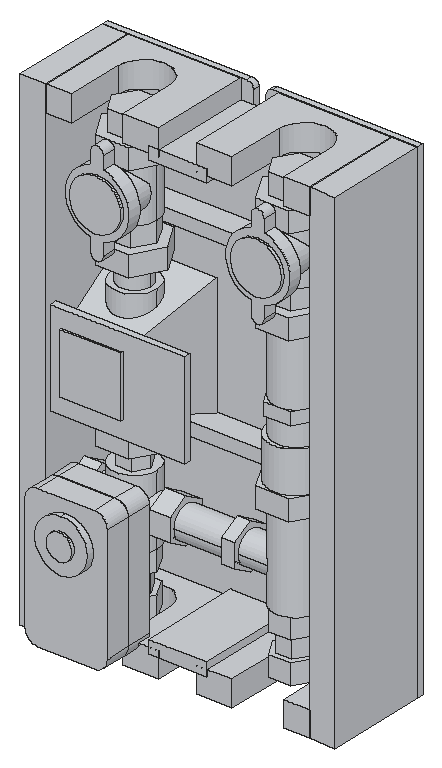
Revit family "330_14d03d4afafa448cabc8e77641faf8", category Mechanical Equipment, Revit 2022
Family settings
  Round Connector Dimension = Use Diameter
  Classification = None
  Part Type = Normal
  Work Plane-Based = No
  Always vertical = Yes
  Cut with Voids When Loaded = No
  Maintain Annotation Orientation = No
  Shared = No
  Room Calculation Point = No
Parameters (values of type "2176 1130EA")
  magiProductId = "14d03d4afafa448cabc8e77641faf8"
  magiProductFamilyId = "14d03d4afafa448cabc8e77641faf8"
  magiPartTypeId = 330
  XC = 62.5 mm
  WL = 225 mm
  W2L__ve = -W2L  # -80 mm
  W2L = 80 mm
  W2 = 85 mm
  W = 170 mm
  VersionID = "2.0/2019.5.23.1/FAR_2176_001"
  R25 = 25.5 mm
  R2 = 12.5 mm
  R15 = 17.5 mm
  R13 = 20.5 mm
  R1 = 12.5 mm
  QmdConnectorList = "301;P2;302;P2;303;P1;304;P1"
  Productdata [instance] = "© MagiCAD Group, all rights reserved"
  PL = 48.571 mm
  P2 = 25 mm
  P1 = 25 mm
  Manufacturer = "FAR"
  MC Shunt Valve Configuration = 0
  MC Shunt Control Valve Location = 0
  MC Product Code = "2176 1130EA"
  MC Primary Sizing Flow [instance] = 0.0 L/s
  MC Primary Given Pressure Drop [instance] = 0.0 Pa
  MC Piping Secondary Pressure Drop [instance] = 0.0 Pa
  MC Piping Secondary Flow [instance] = 0.0 L/s
  MC Piping Flow [instance] = 0.0 L/s
  MC Control Valve kv [instance] = 0
  MC Control Valve Pressure Drop [instance] = 0.0 Pa
  MC Balancing Valve kv [instance] = 0
  MC Balancing Valve Pressure Drop [instance] = 0.0 Pa
  MC Adjustable Valve kv for min dp [instance] = 0
  MC Adjustable Valve kv for max dp [instance] = 0
  MC Adjustable Valve Min Pressure Drop [instance] = 0.0 Pa
  MC Adjustable Valve Max Pressure Drop [instance] = 0.0 Pa
  LH92 = 21.333 mm
  LH9 = 42.667 mm
  LH62 = 27.429 mm
  LH61 = 86.857 mm
  LH6 = 54.857 mm
  LH48 = 104.476 mm
  LH44 = 74.476 mm
  LH42 = 47.238 mm
  LH4 = 94.476 mm
  L5 = 5 mm
  L45__ve = -L45  # -45 mm
  L45 = 45 mm
  L30 = 32 mm
  L22__ve = -L22  # -5 mm
  L222__ve = -L222  # -2 mm
  L222 = 2 mm
  L22 = 5 mm
  L20__ve = -L20  # -20 mm
  L20 = 20 mm
  L2 = 122.5 mm
  L15__ve = -L15  # -16 mm
  L15 = 16 mm
  L10__ve = -L10  # -10 mm
  L10 = 10 mm
  L = 245 mm
  KH = 15 mm
  H2 = 192 mm
  H = 384 mm
  Description = "Booster unit, mixing valve 3p.230V, pump 1-7m, valves, 130mm"
  Default Elevation = 0 mm
  CenSd_R25_6 = R25 * cos(30.00°)  # 22.084 mm
  CenSd_R1_6 = R1 * cos(30.00°)  # 10.825 mm
  CenSd_R15_6 = R15 * cos(30.00°)  # 15.155 mm
  CenSd_R13_6 = R13 * cos(30.00°)  # 17.754 mm
  CAT0 = yes
  CAT = no
Reference planes
  plane 1 "Center (Front/Back)": y = 0
  plane 2 "XYPLANE": z = 0
  plane 3 "Center (Left/Right)": x = 0
  plane 4 "399": z = 176
  plane 5 "386": y = -95
  plane 6 "382": x = -30.5
  plane 7 "381": x = -94.5
  plane 8 "379": z = 6.857
  plane 9 "376": z = -25.143
  plane 10 "373": y = -120
  plane 11 "372": x = 27.5
  plane 12 "369": x = -22.5
  plane 13 "368": x = -87.5
  plane 14 "358": y = -85
  plane 15 "350": z = -52.143
  plane 16 "347": z = 90.333
  plane 17 "342": x = 15
  plane 18 "341": x = 82.5
  plane 19 "340": x = 42.5
  plane 20 "339": x = 102.5
  plane 21 "331": y = -40
  plane 22 "330": y = -5
  plane 23 "329": y = -85
  plane 24 "328": x = -82.5
  plane 25 "327": x = -42.5
  plane 26 "326": x = -15
  plane 27 "325": x = -102.5
  plane 28 "323": x = 112.5
  plane 29 "319": y = -5
  plane 30 "318": x = -112.5
  plane 31 "314": z = -180.571
  plane 32 "312": z = -70.571
  plane 33 "311": z = -100.571
  plane 34 "304": x = 57.5
  plane 35 "303": x = 67.5
  plane 36 "296": y = -85
  plane 37 "290": z = 87.667
  plane 38 "289": z = 157.667
  plane 39 "288": z = 122.667
  plane 40 "287": x = -67.5
  plane 41 "286": x = -57.5
  plane 42 "285": z = 97.667
  plane 43 "284": z = 147.667
  plane 44 "281": y = -90
  plane 45 "277": x = -42.5
  plane 46 "274": y = -75
  plane 47 "272": z = 6.095
  plane 48 "271": y = -15
  plane 49 "243": z = 69.333
  plane 50 "240": z = 160
  plane 51 "239": z = 144
  plane 52 "238": z = 101.333
  plane 53 "231": z = 85.333
  plane 54 "228": z = 53.333
  plane 55 "225": z = -41.143
  plane 56 "222": z = -57.143
  plane 57 "219": z = -128
  plane 58 "216": z = -73.143
  plane 59 "215": z = -144
  plane 60 "210": z = -160
  plane 61 "207": z = -176
  plane 62 "202": x = -5
  plane 63 "201": x = 5
  plane 64 "200": x = 122.5
  plane 65 "199": z = -172
  plane 66 "198": z = 172
  plane 67 "126": y = -48.571
  plane 68 "121": x = 62.5
  plane 69 "116": x = -62.5
  plane 70 "84": z = -192
  plane 71 "83": z = 192
  plane 72 "82": x = -122.5
  plane 73 "43": y = 0
  plane 74 "42": x = 0
  plane 75 "41": z = 0
Forms (mm)
  Extrusion 1, solid
    sketch origin (750, -95, 0) x (-1, 0, 0) y (0, 0, 1)
      loop
        arc (790.5, -70.571) -> (783.429, -73.5) -> (780.5, -80.571) r 10
        line (780.5, -80.571) -> (780.5, -170.571)
        arc (780.5, -170.571) -> (783.429, -177.642) -> (790.5, -180.571) r 10
        line (790.5, -180.571) -> (834.5, -180.571)
        arc (834.5, -180.571) -> (841.571, -177.642) -> (844.5, -170.571) r 10
        line (844.5, -170.571) -> (844.5, -80.571)
        arc (844.5, -80.571) -> (841.571, -73.5) -> (834.5, -70.571) r 10
        line (834.5, -70.571) -> (790.5, -70.571)
    from 0 to -20 <- "L20__ve"
  Extrusion 2, solid
    sketch origin (750, -75, 0) x (-1, 0, 0) y (0, 0, 1)
      loop
        arc (790.5, -70.571) -> (783.429, -73.5) -> (780.5, -80.571) r 10
        line (780.5, -80.571) -> (780.5, -170.571)
        arc (780.5, -170.571) -> (783.429, -177.642) -> (790.5, -180.571) r 10
        line (790.5, -180.571) -> (834.5, -180.571)
        arc (834.5, -180.571) -> (841.571, -177.642) -> (844.5, -170.571) r 10
        line (844.5, -170.571) -> (844.5, -80.571)
        arc (844.5, -80.571) -> (841.571, -73.5) -> (834.5, -70.571) r 10
        line (834.5, -70.571) -> (790.5, -70.571)
    from 0 to -20 <- "L20__ve"
  Extrusion 3, solid
    sketch origin (-750, 0, 6.857) x (1, 0, 0) y (0, 1, 0)
      loop
        line (833, -48.571) -> (822.75, -30.818) -> (802.25, -30.818) -> (792, -48.571) -> (802.25, -66.325) -> (822.75, -66.325) -> (833, -48.571)
    from 0 to 10 <- "L10"
  Extrusion 4, solid
    sketch origin (750, -120, 0) x (-1, 0, 0) y (0, 0, 1)
      loop
        circle (812.5, -100.571) r 10
    from 0 to -2 <- "L222__ve"
  Extrusion 5, solid
    sketch origin (27.5, -750, 0) x (0, 1, 0) y (0, 0, 1)
      loop
        line (701.429, -83.071) -> (686.273, -91.821) -> (686.273, -109.321) -> (701.429, -118.071) -> (716.584, -109.321) -> (716.584, -91.821) -> (701.429, -83.071)
    from 0 to -10 <- "L10__ve"
  Extrusion 6, solid
    sketch origin (-22.5, -750, 0) x (0, 1, 0) y (0, 0, 1)
      loop
        line (701.429, -83.071) -> (686.273, -91.821) -> (686.273, -109.321) -> (701.429, -118.071) -> (716.584, -109.321) -> (716.584, -91.821) -> (701.429, -83.071)
    from 0 to -16 <- "L15__ve"
  Extrusion 7, solid
    sketch origin (-87.5, -750, 0) x (0, 1, 0) y (0, 0, 1)
      loop
        line (701.429, -83.071) -> (686.273, -91.821) -> (686.273, -109.321) -> (701.429, -118.071) -> (716.584, -109.321) -> (716.584, -91.821) -> (701.429, -83.071)
    from 0 to -16 <- "L15__ve"
  Extrusion 8, solid
    sketch origin (62.5, -750, 0) x (0, 1, 0) y (0, 0, 1)
      loop
        circle (701.429, -100.571) r 12.5
    from 0 to -150
  Extrusion 9, solid
    sketch origin (750, -75, 0) x (-1, 0, 0) y (0, 0, 1)
      loop
        circle (812.5, -100.571) r 20.5
    from 0 to -45 <- "L45__ve"
  Extrusion 10, solid
    sketch origin (750, -5, 0) x (-1, 0, 0) y (0, 0, 1)
      loop
        line (727.5, -167) -> (727.5, -177) -> (772.5, -177) -> (772.5, -167) -> (727.5, -167)
    from 0 to -80 <- "W2L__ve"
  Extrusion 11, solid
    sketch origin (750, -5, 0) x (-1, 0, 0) y (0, 0, 1)
      loop
        line (727.5, 177) -> (727.5, 167) -> (772.5, 167) -> (772.5, 177) -> (727.5, 177)
    from 0 to -80 <- "W2L__ve"
  Extrusion 12, solid
    sketch origin (750, -5, 0) x (-1, 0, 0) y (0, 0, 1)
      loop
        line (862.5, -47.143) -> (637.5, -47.143) -> (637.5, -57.143) -> (862.5, -57.143) -> (862.5, -47.143)
    from 0 to -20 <- "L20__ve"
  Extrusion 13, solid
    sketch origin (750, -5, 0) x (-1, 0, 0) y (0, 0, 1)
      loop
        line (862.5, 95.333) -> (637.5, 95.333) -> (637.5, 85.333) -> (862.5, 85.333) -> (862.5, 95.333)
    from 0 to -20 <- "L20__ve"
  Extrusion 14, solid
    sketch origin (-750, 0, -192) x (1, 0, 0) y (0, 1, 0)
      loop
        line (765, -5) -> (765, -85) -> (792.5, -85) -> (792.5, -40)
        arc (792.5, -40) -> (812.5, -20) -> (832.5, -40) r 20
        line (832.5, -40) -> (832.5, -85) -> (852.5, -85) -> (852.5, -5) -> (765, -5)
    from 0 to 20 <- "L20"
  Extrusion 15, solid
    sketch origin (-750, 0, 192) x (1, 0, 0) y (0, 1, 0)
      loop
        line (765, -5) -> (765, -85) -> (792.5, -85) -> (792.5, -40)
        arc (792.5, -40) -> (812.5, -20) -> (832.5, -40) r 20
        line (832.5, -40) -> (832.5, -85) -> (852.5, -85) -> (852.5, -5) -> (765, -5)
    from 0 to -20 <- "L20__ve"
  Extrusion 16, solid
    sketch origin (-750, 0, -192) x (1, 0, 0) y (0, 1, 0)
      loop
        line (647.5, -5) -> (647.5, -85) -> (667.5, -85) -> (667.5, -40)
        arc (667.5, -40) -> (687.5, -20) -> (707.5, -40) r 20
        line (707.5, -40) -> (707.5, -85) -> (735, -85) -> (735, -5) -> (647.5, -5)
    from 0 to 20 <- "L20"
  Extrusion 17, solid
    sketch origin (-750, 0, 192) x (1, 0, 0) y (0, 1, 0)
      loop
        line (647.5, -5) -> (647.5, -85) -> (667.5, -85) -> (667.5, -40)
        arc (667.5, -40) -> (687.5, -20) -> (707.5, -40) r 20
        line (707.5, -40) -> (707.5, -85) -> (735, -85) -> (735, -5) -> (647.5, -5)
    from 0 to -20 <- "L20__ve"
  Extrusion 18, solid
    sketch origin (750, -5, 0) x (-1, 0, 0) y (0, 0, 1)
      loop
        line (627.5, 192) -> (627.5, -192) -> (647.5, -192) -> (647.5, 192) -> (627.5, 192)
    from 0 to -80 <- "W2L__ve"
  Extrusion 19, solid
    sketch origin (750, -5, 0) x (-1, 0, 0) y (0, 0, 1)
      loop
        line (852.5, 192) -> (852.5, -192) -> (872.5, -192) -> (872.5, 192) -> (852.5, 192)
    from 0 to -80 <- "W2L__ve"
  Extrusion 20, solid
    sketch origin (750, -75, 0) x (-1, 0, 0) y (0, 0, 1)
      loop
        circle (812.5, -100.571) r 17.5
    from 0 to 20 <- "L20"
  Extrusion 21, solid
    sketch origin (750, -75, 0) x (-1, 0, 0) y (0, 0, 1)
      loop
        line (692.5, 87.667) -> (692.5, 97.667)
        arc (692.5, 97.667) -> (712.5, 122.667) -> (692.5, 147.667) r 25.625
        line (692.5, 147.667) -> (692.5, 157.667)
        arc (692.5, 157.667) -> (687.5, 162.667) -> (682.5, 157.667) r 5
        line (682.5, 157.667) -> (682.5, 147.667)
        arc (682.5, 147.667) -> (662.5, 122.667) -> (682.5, 97.667) r 25.625
        line (682.5, 97.667) -> (682.5, 87.667)
        arc (682.5, 87.667) -> (687.5, 82.667) -> (692.5, 87.667) r 5
    from 0 to -10 <- "L10__ve"
  Extrusion 22, solid
    sketch origin (750, -75, 0) x (-1, 0, 0) y (0, 0, 1)
      loop
        circle (687.5, 122.667) r 17.5
    from 0 to 20 <- "L20"
  Extrusion 23, solid
    sketch origin (750, -85, 0) x (-1, 0, 0) y (0, 0, 1)
      loop
        circle (687.5, 122.667) r 20
    from 0 to -2 <- "L222__ve"
  Extrusion 24, solid
    sketch origin (750, -85, 0) x (-1, 0, 0) y (0, 0, 1)
      loop
        circle (812.5, 122.667) r 20
    from 0 to -2 <- "L222__ve"
  Extrusion 25, solid
    sketch origin (750, -75, 0) x (-1, 0, 0) y (0, 0, 1)
      loop
        circle (812.5, 122.667) r 17.5
    from 0 to 20 <- "L20"
  Extrusion 26, solid
    sketch origin (750, -75, 0) x (-1, 0, 0) y (0, 0, 1)
      loop
        line (817.5, 87.667) -> (817.5, 97.667)
        arc (817.5, 97.667) -> (837.5, 122.667) -> (817.5, 147.667) r 25.625
        line (817.5, 147.667) -> (817.5, 157.667)
        arc (817.5, 157.667) -> (812.5, 162.667) -> (807.5, 157.667) r 5
        line (807.5, 157.667) -> (807.5, 147.667)
        arc (807.5, 147.667) -> (787.5, 122.667) -> (807.5, 97.667) r 25.625
        line (807.5, 97.667) -> (807.5, 87.667)
        arc (807.5, 87.667) -> (812.5, 82.667) -> (817.5, 87.667) r 5
    from 0 to -10 <- "L10__ve"
  Extrusion 27, solid
    sketch origin (750, -90, 0) x (-1, 0, 0) y (0, 0, 1)
      loop
        line (788.881, 29.714) -> (788.881, -17.524) -> (836.119, -17.524) -> (836.119, 29.714) -> (788.881, 29.714)
    from 0 to -2
  Extrusion 28, solid
    sketch origin (750, -85, 0) x (-1, 0, 0) y (0, 0, 1)
      loop
        line (740.262, 43.333) -> (740.262, -31.143) -> (844.738, -31.143) -> (844.738, 43.333) -> (740.262, 43.333)
    from 0 to -5 <- "L22__ve"
  Blend 29, solid
    base sketch origin (750, -15, 0) x (-1, 0, 0) y (0, 0, 1)
      loop
        line (775.262, 53.333) -> (775.262, -41.143) -> (849.738, -41.143) -> (849.738, 53.333) -> (775.262, 53.333)
    top sketch origin (750, -15, 0) x (-1, 0, 0) y (0, 0, 1)
      loop
        line (788.881, 29.714) -> (788.881, -17.524) -> (836.119, -17.524) -> (836.119, 29.714) -> (788.881, 29.714)
    from 0 to -70
  Extrusion 30, solid
    sketch origin (-750, 0, -176) x (1, 0, 0) y (0, 1, 0)
      loop
        line (830, -48.571) -> (821.25, -33.416) -> (803.75, -33.416) -> (795, -48.571) -> (803.75, -63.727) -> (821.25, -63.727) -> (830, -48.571)
    from 0 to 16 <- "L15"
  Extrusion 31, solid
    sketch origin (-750, 0, -160) x (1, 0, 0) y (0, 1, 0)
      loop
        line (825, -48.571) -> (818.75, -37.746) -> (806.25, -37.746) -> (800, -48.571) -> (806.25, -59.397) -> (818.75, -59.397) -> (825, -48.571)
    from 0 to 16 <- "L15"
  Extrusion 32, solid
    sketch origin (-750, 0, -144) x (1, 0, 0) y (0, 1, 0)
      loop
        line (830, -48.571) -> (821.25, -33.416) -> (803.75, -33.416) -> (795, -48.571) -> (803.75, -63.727) -> (821.25, -63.727) -> (830, -48.571)
    from 0 to 16 <- "L15"
  Extrusion 33, solid
    sketch origin (-750, 0, -128) x (1, 0, 0) y (0, 1, 0)
      loop
        circle (812.5, -48.571) r 17.5
    from 0 to 86.857 <- "LH61"
  Extrusion 34, solid
    sketch origin (-750, 0, -57.143) x (1, 0, 0) y (0, 1, 0)
      loop
        line (838, -48.571) -> (825.25, -26.488) -> (799.75, -26.488) -> (787, -48.571) -> (799.75, -70.655) -> (825.25, -70.655) -> (838, -48.571)
    from 0 to 16 <- "L15"
  Extrusion 35, solid
    sketch origin (-750, 0, -41.143) x (1, 0, 0) y (0, 1, 0)
      loop
        circle (812.5, -48.571) r 20.5
    from 0 to 32 <- "L30"
  Extrusion 36, solid
    sketch origin (-750, 0, 69.333) x (1, 0, 0) y (0, 1, 0)
      loop
        line (838, -48.571) -> (825.25, -26.488) -> (799.75, -26.488) -> (787, -48.571) -> (799.75, -70.655) -> (825.25, -70.655) -> (838, -48.571)
    from 0 to 16 <- "L15"
  Extrusion 37, solid
    sketch origin (-750, 0, 85.333) x (1, 0, 0) y (0, 1, 0)
      loop
        line (830, -48.571) -> (821.25, -33.416) -> (803.75, -33.416) -> (795, -48.571) -> (803.75, -63.727) -> (821.25, -63.727) -> (830, -48.571)
    from 0 to 16 <- "L15"
  Extrusion 38, solid
    sketch origin (-750, 0, 160) x (1, 0, 0) y (0, 1, 0)
      loop
        line (830, -48.571) -> (821.25, -33.416) -> (803.75, -33.416) -> (795, -48.571) -> (803.75, -63.727) -> (821.25, -63.727) -> (830, -48.571)
    from 0 to 16 <- "L15"
  Extrusion 39, solid
    sketch origin (-750, 0, 144) x (1, 0, 0) y (0, 1, 0)
      loop
        line (838, -48.571) -> (825.25, -26.488) -> (799.75, -26.488) -> (787, -48.571) -> (799.75, -70.655) -> (825.25, -70.655) -> (838, -48.571)
    from 0 to 16 <- "L15"
  Extrusion 40, solid
    sketch origin (-750, 0, 101.333) x (1, 0, 0) y (0, 1, 0)
      loop
        circle (812.5, -48.571) r 17.5
    from 0 to 42.667 <- "LH9"
  Extrusion 41, solid
    sketch origin (-750, 0, -25.143) x (1, 0, 0) y (0, 1, 0)
      loop
        circle (812.5, -48.571) r 17.5
    from 0 to 94.476 <- "LH4"
  Extrusion 42, solid
    sketch origin (-750, 0, 53.333) x (1, 0, 0) y (0, 1, 0)
      loop
        circle (687.5, -48.571) r 12.5
    from 0 to 16 <- "L15"
  Extrusion 43, solid
    sketch origin (-750, 0, 101.333) x (1, 0, 0) y (0, 1, 0)
      loop
        circle (687.5, -48.571) r 17.5
    from 0 to 42.667 <- "LH9"
  Extrusion 44, solid
    sketch origin (-750, 0, 144) x (1, 0, 0) y (0, 1, 0)
      loop
        line (713, -48.571) -> (700.25, -26.488) -> (674.75, -26.488) -> (662, -48.571) -> (674.75, -70.655) -> (700.25, -70.655) -> (713, -48.571)
    from 0 to 16 <- "L15"
  Extrusion 45, solid
    sketch origin (-750, 0, 160) x (1, 0, 0) y (0, 1, 0)
      loop
        line (705, -48.571) -> (696.25, -33.416) -> (678.75, -33.416) -> (670, -48.571) -> (678.75, -63.727) -> (696.25, -63.727) -> (705, -48.571)
    from 0 to 16 <- "L15"
  Extrusion 46, solid
    sketch origin (-750, 0, 85.333) x (1, 0, 0) y (0, 1, 0)
      loop
        line (705, -48.571) -> (696.25, -33.416) -> (678.75, -33.416) -> (670, -48.571) -> (678.75, -63.727) -> (696.25, -63.727) -> (705, -48.571)
    from 0 to 16 <- "L15"
  Extrusion 47, solid
    sketch origin (-750, 0, 69.333) x (1, 0, 0) y (0, 1, 0)
      loop
        line (713, -48.571) -> (700.25, -26.488) -> (674.75, -26.488) -> (662, -48.571) -> (674.75, -70.655) -> (700.25, -70.655) -> (713, -48.571)
    from 0 to 16 <- "L15"
  Extrusion 48, solid
    sketch origin (-750, 0, -41.143) x (1, 0, 0) y (0, 1, 0)
      loop
        circle (687.5, -48.571) r 17.5
    from 0 to 94.476 <- "LH4"
  Extrusion 49, solid
    sketch origin (-750, 0, -57.143) x (1, 0, 0) y (0, 1, 0)
      loop
        line (713, -48.571) -> (700.25, -26.488) -> (674.75, -26.488) -> (662, -48.571) -> (674.75, -70.655) -> (700.25, -70.655) -> (713, -48.571)
    from 0 to 16 <- "L15"
  Extrusion 50, solid
    sketch origin (-750, 0, -73.143) x (1, 0, 0) y (0, 1, 0)
      loop
        line (700, -48.571) -> (693.75, -37.746) -> (681.25, -37.746) -> (675, -48.571) -> (681.25, -59.397) -> (693.75, -59.397) -> (700, -48.571)
    from 0 to 16 <- "L15"
  Extrusion 51, solid
    sketch origin (-750, 0, -128) x (1, 0, 0) y (0, 1, 0)
      loop
        circle (687.5, -48.571) r 17.5
    from 0 to 54.857 <- "LH6"
  Extrusion 52, solid
    sketch origin (-750, 0, -144) x (1, 0, 0) y (0, 1, 0)
      loop
        line (705, -48.571) -> (696.25, -33.416) -> (678.75, -33.416) -> (670, -48.571) -> (678.75, -63.727) -> (696.25, -63.727) -> (705, -48.571)
    from 0 to 16 <- "L15"
  Extrusion 53, solid
    sketch origin (-750, 0, -160) x (1, 0, 0) y (0, 1, 0)
      loop
        line (700, -48.571) -> (693.75, -37.746) -> (681.25, -37.746) -> (675, -48.571) -> (681.25, -59.397) -> (693.75, -59.397) -> (700, -48.571)
    from 0 to 16 <- "L15"
  Extrusion 54, solid
    sketch origin (-750, 0, -176) x (1, 0, 0) y (0, 1, 0)
      loop
        line (705, -48.571) -> (696.25, -33.416) -> (678.75, -33.416) -> (670, -48.571) -> (678.75, -63.727) -> (696.25, -63.727) -> (705, -48.571)
    from 0 to 16 <- "L15"
  Extrusion 55, solid
    sketch origin (750, 0, 0) x (-1, 0, 0) y (0, 0, 1)
      loop
        line (872.5, 192) -> (760, 192)
        arc (760, 192) -> (756.464, 190.536) -> (755, 187) r 5
        line (755, 187) -> (755, 172) -> (745, 172) -> (745, 187)
        arc (745, 187) -> (743.536, 190.536) -> (740, 192) r 5
        line (740, 192) -> (627.5, 192) -> (627.5, -192) -> (740, -192)
        arc (740, -192) -> (743.536, -190.536) -> (745, -187) r 5
        line (745, -187) -> (745, -172) -> (755, -172) -> (755, -187)
        arc (755, -187) -> (756.464, -190.536) -> (760, -192) r 5
        line (760, -192) -> (872.5, -192) -> (872.5, 192)
    from 0 to -5 <- "L22__ve"
  Extrusion 56, solid, not visible
    sketch origin (-750, 0, -176) x (1, 0, 0) y (0, 1, 0)
      loop
        circle (812.5, -48.571) r 10
    from 0 to 10
  Extrusion 57, solid, not visible
    sketch origin (-750, 0, -176) x (1, 0, 0) y (0, 1, 0)
      loop
        circle (687.5, -48.571) r 10
    from 0 to 10
  Extrusion 58, solid, not visible
    sketch origin (-750, 0, 176) x (1, 0, 0) y (0, 1, 0)
      loop
        circle (812.5, -48.571) r 10
    from 0 to -10
  Extrusion 59, solid, not visible
    sketch origin (-750, 0, 176) x (1, 0, 0) y (0, 1, 0)
      loop
        circle (687.5, -48.571) r 10
    from 0 to -10
Lines and regions (mm)
  reference lines, not visible
    curve 1: circle (2, 2, 0) r 1 normal (0, 0, 1)
  reference lines
    curve 2: line (62.5, -48.571, 6.857) -> (57.375, -39.695, 6.857)
    curve 3: line (62.5, -48.571, 6.857) -> (52.25, -48.571, 6.857)
    curve 4: line (62.5, -48.571, 6.857) -> (57.375, -57.448, 6.857)
    curve 5: line (27.5, -48.571, -100.571) -> (27.5, -40.994, -104.946)
    curve 6: line (27.5, -48.571, -100.571) -> (27.5, -48.571, -109.321)
    curve 7: line (27.5, -48.571, -100.571) -> (27.5, -56.149, -104.946)
    curve 8: line (-22.5, -48.571, -100.571) -> (-22.5, -40.994, -104.946)
    curve 9: line (-22.5, -48.571, -100.571) -> (-22.5, -48.571, -109.321)
    curve 10: line (-22.5, -48.571, -100.571) -> (-22.5, -56.149, -104.946)
    curve 11: line (-87.5, -48.571, -100.571) -> (-87.5, -40.994, -104.946)
    curve 12: line (-87.5, -48.571, -100.571) -> (-87.5, -48.571, -109.321)
    curve 13: line (-87.5, -48.571, -100.571) -> (-87.5, -56.149, -104.946)
    curve 14: circle (0, -5, -172) r 1 normal (0, -1, 0)
    curve 15: circle (0, -5, 172) r 1 normal (0, -1, 0)
    curve 16: circle (0, -5, -52.143) r 1 normal (0, -1, 0)
    curve 17: circle (0, -5, 90.333) r 1 normal (0, -1, 0)
    curve 18: line (82.5, -40, -192) -> (42.5, -40, -192)
    curve 19: line (82.5, -40, 192) -> (42.5, -40, 192)
    curve 20: line (-42.5, -40, -192) -> (-82.5, -40, -192)
    curve 21: line (-42.5, -40, 192) -> (-82.5, -40, 192)
    curve 22: circle (112.5, -5, 0) r 1 normal (0, -1, 0)
    curve 23: circle (-112.5, -5, 0) r 1 normal (0, -1, 0)
    curve 24: line (57.5, -75, 87.667) -> (67.5, -75, 87.667)
    curve 25: line (67.5, -75, 97.667) -> (67.5, -75, 147.667)
    curve 26: line (67.5, -75, 157.667) -> (57.5, -75, 157.667)
    curve 27: line (57.5, -75, 147.667) -> (57.5, -75, 97.667)
    curve 28: line (-67.5, -75, 87.667) -> (-57.5, -75, 87.667)
    curve 29: line (-57.5, -75, 97.667) -> (-57.5, -75, 147.667)
    curve 30: line (-57.5, -75, 157.667) -> (-67.5, -75, 157.667)
    curve 31: line (-67.5, -75, 147.667) -> (-67.5, -75, 97.667)
    curve 32: circle (-62.5, -90, 6.095) r 1 normal (0, -1, 0)
    curve 33: circle (-42.5, -85, 6.095) r 1 normal (0, -1, 0)
    curve 34: circle (-62.5, -15, 6.095) r 1 normal (0, 1, 0)
    curve 35: circle (-62.5, -15, 6.095) r 1 normal (0, -1, 0)
    curve 36: line (62.5, -48.571, -176) -> (58.125, -40.994, -176)
    curve 37: line (62.5, -48.571, -176) -> (53.75, -48.571, -176)
    curve 38: line (62.5, -48.571, -176) -> (58.125, -56.149, -176)
    curve 39: line (62.5, -48.571, -160) -> (59.375, -43.159, -160)
    curve 40: line (62.5, -48.571, -160) -> (56.25, -48.571, -160)
    curve 41: line (62.5, -48.571, -160) -> (59.375, -53.984, -160)
    curve 42: line (62.5, -48.571, -144) -> (58.125, -40.994, -144)
    curve 43: line (62.5, -48.571, -144) -> (53.75, -48.571, -144)
    curve 44: line (62.5, -48.571, -144) -> (58.125, -56.149, -144)
    curve 45: line (62.5, -48.571, -57.143) -> (56.125, -37.53, -57.143)
    curve 46: line (62.5, -48.571, -57.143) -> (49.75, -48.571, -57.143)
    curve 47: line (62.5, -48.571, -57.143) -> (56.125, -59.613, -57.143)
    curve 48: line (62.5, -48.571, 69.333) -> (56.125, -37.53, 69.333)
    curve 49: line (62.5, -48.571, 69.333) -> (49.75, -48.571, 69.333)
    curve 50: line (62.5, -48.571, 69.333) -> (56.125, -59.613, 69.333)
    curve 51: line (62.5, -48.571, 85.333) -> (58.125, -40.994, 85.333)
    curve 52: line (62.5, -48.571, 85.333) -> (53.75, -48.571, 85.333)
    curve 53: line (62.5, -48.571, 85.333) -> (58.125, -56.149, 85.333)
    curve 54: line (62.5, -48.571, 160) -> (58.125, -40.994, 160)
    curve 55: line (62.5, -48.571, 160) -> (53.75, -48.571, 160)
    curve 56: line (62.5, -48.571, 160) -> (58.125, -56.149, 160)
    curve 57: line (62.5, -48.571, 144) -> (56.125, -37.53, 144)
    curve 58: line (62.5, -48.571, 144) -> (49.75, -48.571, 144)
    curve 59: line (62.5, -48.571, 144) -> (56.125, -59.613, 144)
    curve 60: line (-62.5, -48.571, 144) -> (-68.875, -37.53, 144)
    curve 61: line (-62.5, -48.571, 144) -> (-75.25, -48.571, 144)
    curve 62: line (-62.5, -48.571, 144) -> (-68.875, -59.613, 144)
    curve 63: line (-62.5, -48.571, 160) -> (-66.875, -40.994, 160)
    curve 64: line (-62.5, -48.571, 160) -> (-71.25, -48.571, 160)
    curve 65: line (-62.5, -48.571, 160) -> (-66.875, -56.149, 160)
    curve 66: line (-62.5, -48.571, 85.333) -> (-66.875, -40.994, 85.333)
    curve 67: line (-62.5, -48.571, 85.333) -> (-71.25, -48.571, 85.333)
    curve 68: line (-62.5, -48.571, 85.333) -> (-66.875, -56.149, 85.333)
    curve 69: line (-62.5, -48.571, 69.333) -> (-68.875, -37.53, 69.333)
    curve 70: line (-62.5, -48.571, 69.333) -> (-75.25, -48.571, 69.333)
    curve 71: line (-62.5, -48.571, 69.333) -> (-68.875, -59.613, 69.333)
    curve 72: line (-62.5, -48.571, -57.143) -> (-68.875, -37.53, -57.143)
    curve 73: line (-62.5, -48.571, -57.143) -> (-75.25, -48.571, -57.143)
    curve 74: line (-62.5, -48.571, -57.143) -> (-68.875, -59.613, -57.143)
    curve 75: line (-62.5, -48.571, -73.143) -> (-65.625, -43.159, -73.143)
    curve 76: line (-62.5, -48.571, -73.143) -> (-68.75, -48.571, -73.143)
    curve 77: line (-62.5, -48.571, -73.143) -> (-65.625, -53.984, -73.143)
    curve 78: line (-62.5, -48.571, -144) -> (-66.875, -40.994, -144)
    curve 79: line (-62.5, -48.571, -144) -> (-71.25, -48.571, -144)
    curve 80: line (-62.5, -48.571, -144) -> (-66.875, -56.149, -144)
    curve 81: line (-62.5, -48.571, -160) -> (-65.625, -43.159, -160)
    curve 82: line (-62.5, -48.571, -160) -> (-68.75, -48.571, -160)
    curve 83: line (-62.5, -48.571, -160) -> (-65.625, -53.984, -160)
    curve 84: line (-62.5, -48.571, -176) -> (-66.875, -40.994, -176)
    curve 85: line (-62.5, -48.571, -176) -> (-71.25, -48.571, -176)
    curve 86: line (-62.5, -48.571, -176) -> (-66.875, -56.149, -176)
Dimensions and locks
  plane 1 "Center (Front/Back)" to curve 1 = 2 mm
  "L15": plane 50 "240" to plane 4 "399"
  "L20": plane 46 "274" to plane 5 "386"
  "L30": plane 69 "116" to plane 6 "382"
  "L30": plane 69 "116" to plane 7 "381"
  "L30": plane 9 "376" to plane 8 "379"
  "L15": plane 55 "225" to plane 9 "376"
  "L45": plane 46 "274" to plane 10 "373"
  locked: plane 12 "369" to plane 11 "372" at 50
  locked: plane 13 "368" to plane 12 "369" at 65
  locked: plane 68 "121" to plane 13 "368" at 150
  locked: plane 48 "271" to plane 14 "358" at 70
  "L5": plane 56 "222" to plane 15 "350"
  "L5": plane 53 "231" to plane 16 "347"
  "L10": plane 63 "201" to plane 17 "342"
  "L20": plane 68 "121" to plane 18 "341"
  "L20": plane 68 "121" to plane 19 "340"
  "L10": plane 28 "323" to plane 20 "339"
  "L45": plane 23 "329" to plane 21 "331"
  "L22": plane 73 "43" to plane 22 "330"
  "W2L": plane 22 "330" to plane 23 "329"
  "L20": plane 69 "116" to plane 24 "328"
  "L20": plane 69 "116" to plane 25 "327"
  "L10": plane 62 "202" to plane 26 "326"
  "L10": plane 30 "318" to plane 27 "325"
  "L10": plane 64 "200" to plane 28 "323"
  "L22": plane 73 "43" to plane 29 "319"
  "L10": plane 72 "82" to plane 30 "318"
  locked: plane 33 "311" to plane 31 "314" at 80
  locked: plane 33 "311" to plane 32 "312" at 30
  "LH62": plane 57 "219" to plane 33 "311"
  locked: plane 68 "121" to plane 34 "304" at 5
  locked: plane 68 "121" to plane 35 "303" at 5
  "L10": plane 46 "274" to plane 36 "296"
  "L10": plane 42 "285" to plane 37 "290"
  locked: plane 43 "284" to plane 38 "289" at 10
  "LH92": plane 52 "238" to plane 39 "288"
  locked: plane 69 "116" to plane 40 "287" at 5
  locked: plane 69 "116" to plane 41 "286" at 5
  locked: plane 39 "288" to plane 42 "285" at 25
  locked: plane 39 "288" to plane 43 "284" at 25
  "L22": plane 14 "358" to plane 44 "281"
  locked: plane 69 "116" to plane 45 "277" at 20
  locked: plane 48 "271" to plane 46 "274" at 60
  "LH42": plane 55 "225" to plane 47 "272"
  locked: plane 1 "Center (Front/Back)" to plane 48 "271" at 15
  "L15": plane 54 "228" to plane 49 "243"
  "L15": plane 51 "239" to plane 50 "240"
  "LH9": plane 52 "238" to plane 51 "239"
  "L15": plane 53 "231" to plane 52 "238"
  "L15": plane 49 "243" to plane 53 "231"
  "LH4": plane 55 "225" to plane 54 "228"
  "L15": plane 56 "222" to plane 55 "225"
  "L15": plane 58 "216" to plane 56 "222"
  "L15": plane 59 "215" to plane 57 "219"
  "LH6": plane 57 "219" to plane 58 "216"
  "L15": plane 60 "210" to plane 59 "215"
  "L15": plane 61 "207" to plane 60 "210"
  "L15": plane 70 "84" to plane 61 "207"
  "L5": plane 3 "Center (Left/Right)" to plane 62 "202"
  "L5": plane 3 "Center (Left/Right)" to plane 63 "201"
  "L2": plane 3 "Center (Left/Right)" to plane 64 "200"
  locked: plane 70 "84" to plane 65 "199" at 20
  locked: plane 71 "83" to plane 66 "198" at 20
  "PL": plane 1 "Center (Front/Back)" to plane 67 "126"
  "XC": plane 3 "Center (Left/Right)" to plane 68 "121"
  "XC": plane 3 "Center (Left/Right)" to plane 69 "116"
  "H2": plane 2 "XYPLANE" to plane 70 "84"
  "H2": plane 2 "XYPLANE" to plane 71 "83"
  "L2": plane 3 "Center (Left/Right)" to plane 72 "82"
  locked: plane 1 "Center (Front/Back)" to plane 73 "43"
  locked: plane 3 "Center (Left/Right)" to plane 74 "42"
  locked: plane 2 "XYPLANE" to plane 75 "41"
  Extrusion 1 sketch curve to Extrusion 1 sketch curve = 0 mm  (x16)
  Extrusion 2 sketch curve to Extrusion 2 sketch curve = 0 mm  (x16)
  "CenSd_R13_6": curve 2 to Extrusion 3 sketch curve  (x2)
  "CenSd_R13_6": curve 3 to Extrusion 3 sketch curve  (x2)
  "CenSd_R13_6": curve 4 to Extrusion 3 sketch curve  (x2)
  Extrusion 3 sketch curve to Extrusion 3 sketch curve = 0 mm  (x12)
  "CenSd_R15_6": curve 5 to Extrusion 5 sketch curve  (x2)
  "CenSd_R15_6": curve 6 to Extrusion 5 sketch curve  (x2)
  "CenSd_R15_6": curve 7 to Extrusion 5 sketch curve  (x2)
  Extrusion 5 sketch curve to Extrusion 5 sketch curve = 0 mm  (x12)
  "CenSd_R15_6": curve 8 to Extrusion 6 sketch curve  (x2)
  "CenSd_R15_6": curve 9 to Extrusion 6 sketch curve  (x2)
  "CenSd_R15_6": curve 10 to Extrusion 6 sketch curve  (x2)
  Extrusion 6 sketch curve to Extrusion 6 sketch curve = 0 mm  (x12)
  "CenSd_R15_6": curve 11 to Extrusion 7 sketch curve  (x2)
  "CenSd_R15_6": curve 12 to Extrusion 7 sketch curve  (x2)
  "CenSd_R15_6": curve 13 to Extrusion 7 sketch curve  (x2)
  Extrusion 7 sketch curve to Extrusion 7 sketch curve = 0 mm  (x12)
  equal spacing: Extrusion 10 sketch curve, curve 14, Extrusion 10 sketch curve  (x2)
  "L10": Extrusion 10 sketch curve to Extrusion 10 sketch curve
  "L45": Extrusion 10 sketch curve to Extrusion 10 sketch curve
  Extrusion 10 sketch curve to Extrusion 10 sketch curve = 0 mm  (x8)
  equal spacing: Extrusion 11 sketch curve, curve 15, Extrusion 11 sketch curve  (x2)
  "L10": Extrusion 11 sketch curve to Extrusion 11 sketch curve
  "L45": Extrusion 11 sketch curve to Extrusion 11 sketch curve
  Extrusion 11 sketch curve to Extrusion 11 sketch curve = 0 mm  (x8)
  equal spacing: Extrusion 12 sketch curve, curve 16, Extrusion 12 sketch curve  (x2)
  "WL": Extrusion 12 sketch curve to Extrusion 12 sketch curve
  "L10": Extrusion 12 sketch curve to Extrusion 12 sketch curve
  Extrusion 12 sketch curve to Extrusion 12 sketch curve = 0 mm  (x8)
  equal spacing: Extrusion 13 sketch curve, curve 17, Extrusion 13 sketch curve  (x2)
  "WL": Extrusion 13 sketch curve to Extrusion 13 sketch curve
  "L10": Extrusion 13 sketch curve to Extrusion 13 sketch curve
  Extrusion 13 sketch curve to Extrusion 13 sketch curve = 0 mm  (x8)
  "L20": curve 18 to Extrusion 14 sketch curve
  Extrusion 14 sketch curve to Extrusion 14 sketch curve = 0 mm  (x16)
  "L20": curve 19 to Extrusion 15 sketch curve
  Extrusion 15 sketch curve to Extrusion 15 sketch curve = 0 mm  (x16)
  "L20": curve 20 to Extrusion 16 sketch curve
  Extrusion 16 sketch curve to Extrusion 16 sketch curve = 0 mm  (x16)
  "L20": curve 21 to Extrusion 17 sketch curve
  Extrusion 17 sketch curve to Extrusion 17 sketch curve = 0 mm  (x16)
  equal spacing: Extrusion 18 sketch curve, curve 22, Extrusion 18 sketch curve  (x2)
  "H": Extrusion 18 sketch curve to Extrusion 18 sketch curve
  "L20": Extrusion 18 sketch curve to Extrusion 18 sketch curve
  Extrusion 18 sketch curve to Extrusion 18 sketch curve = 0 mm  (x8)
  equal spacing: Extrusion 19 sketch curve, curve 23, Extrusion 19 sketch curve  (x2)
  "H": Extrusion 19 sketch curve to Extrusion 19 sketch curve
  "L20": Extrusion 19 sketch curve to Extrusion 19 sketch curve
  Extrusion 19 sketch curve to Extrusion 19 sketch curve = 0 mm  (x8)
  "L5": curve 24 to Extrusion 21 sketch curve
  "L20": curve 25 to Extrusion 21 sketch curve
  "L5": curve 26 to Extrusion 21 sketch curve
  "L20": curve 27 to Extrusion 21 sketch curve
  Extrusion 21 sketch curve to Extrusion 21 sketch curve = 0 mm  (x16)
  "L5": curve 28 to Extrusion 26 sketch curve
  "L20": curve 29 to Extrusion 26 sketch curve
  "L5": curve 30 to Extrusion 26 sketch curve
  "L20": curve 31 to Extrusion 26 sketch curve
  Extrusion 26 sketch curve to Extrusion 26 sketch curve = 0 mm  (x16)
  equal spacing: Extrusion 27 sketch curve, curve 32, Extrusion 27 sketch curve  (x2)
  "LH42": Extrusion 27 sketch curve to Extrusion 27 sketch curve  (x2)
  Extrusion 27 sketch curve to Extrusion 27 sketch curve = 0 mm  (x8)
  equal spacing: Extrusion 28 sketch curve, curve 33, Extrusion 28 sketch curve  (x2)
  "LH44": Extrusion 28 sketch curve to Extrusion 28 sketch curve
  "LH48": Extrusion 28 sketch curve to Extrusion 28 sketch curve
  Extrusion 28 sketch curve to Extrusion 28 sketch curve = 0 mm  (x8)
  equal spacing: Blend 29 sketch curve, curve 34, Blend 29 sketch curve  (x2)
  "LH42": Blend 29 sketch curve to Blend 29 sketch curve  (x2)
  Blend 29 sketch curve to Blend 29 sketch curve = 0 mm  (x16)
  equal spacing: Blend 29 sketch curve, curve 35, Blend 29 sketch curve  (x2)
  "LH4": Blend 29 sketch curve to Blend 29 sketch curve
  "LH44": Blend 29 sketch curve to Blend 29 sketch curve
  "CenSd_R15_6": curve 36 to Extrusion 30 sketch curve  (x2)
  "CenSd_R15_6": curve 37 to Extrusion 30 sketch curve  (x2)
  "CenSd_R15_6": curve 38 to Extrusion 30 sketch curve  (x2)
  Extrusion 30 sketch curve to Extrusion 30 sketch curve = 0 mm  (x12)
  "CenSd_R1_6": curve 39 to Extrusion 31 sketch curve  (x2)
  "CenSd_R1_6": curve 40 to Extrusion 31 sketch curve  (x2)
  "CenSd_R1_6": curve 41 to Extrusion 31 sketch curve  (x2)
  Extrusion 31 sketch curve to Extrusion 31 sketch curve = 0 mm  (x12)
  "CenSd_R15_6": curve 42 to Extrusion 32 sketch curve  (x2)
  "CenSd_R15_6": curve 43 to Extrusion 32 sketch curve  (x2)
  "CenSd_R15_6": curve 44 to Extrusion 32 sketch curve  (x2)
  Extrusion 32 sketch curve to Extrusion 32 sketch curve = 0 mm  (x12)
  "CenSd_R25_6": curve 45 to Extrusion 34 sketch curve  (x2)
  "CenSd_R25_6": curve 46 to Extrusion 34 sketch curve  (x2)
  "CenSd_R25_6": curve 47 to Extrusion 34 sketch curve  (x2)
  Extrusion 34 sketch curve to Extrusion 34 sketch curve = 0 mm  (x12)
  "CenSd_R25_6": curve 48 to Extrusion 36 sketch curve  (x2)
  "CenSd_R25_6": curve 49 to Extrusion 36 sketch curve  (x2)
  "CenSd_R25_6": curve 50 to Extrusion 36 sketch curve  (x2)
  Extrusion 36 sketch curve to Extrusion 36 sketch curve = 0 mm  (x12)
  "CenSd_R15_6": curve 51 to Extrusion 37 sketch curve  (x2)
  "CenSd_R15_6": curve 52 to Extrusion 37 sketch curve  (x2)
  "CenSd_R15_6": curve 53 to Extrusion 37 sketch curve  (x2)
  Extrusion 37 sketch curve to Extrusion 37 sketch curve = 0 mm  (x12)
  "CenSd_R15_6": curve 54 to Extrusion 38 sketch curve  (x2)
  "CenSd_R15_6": curve 55 to Extrusion 38 sketch curve  (x2)
  "CenSd_R15_6": curve 56 to Extrusion 38 sketch curve  (x2)
  Extrusion 38 sketch curve to Extrusion 38 sketch curve = 0 mm  (x12)
  "CenSd_R25_6": curve 57 to Extrusion 39 sketch curve  (x2)
  "CenSd_R25_6": curve 58 to Extrusion 39 sketch curve  (x2)
  "CenSd_R25_6": curve 59 to Extrusion 39 sketch curve  (x2)
  Extrusion 39 sketch curve to Extrusion 39 sketch curve = 0 mm  (x12)
  "CenSd_R25_6": curve 60 to Extrusion 44 sketch curve  (x2)
  "CenSd_R25_6": curve 61 to Extrusion 44 sketch curve  (x2)
  "CenSd_R25_6": curve 62 to Extrusion 44 sketch curve  (x2)
  Extrusion 44 sketch curve to Extrusion 44 sketch curve = 0 mm  (x12)
  "CenSd_R15_6": curve 63 to Extrusion 45 sketch curve  (x2)
  "CenSd_R15_6": curve 64 to Extrusion 45 sketch curve  (x2)
  "CenSd_R15_6": curve 65 to Extrusion 45 sketch curve  (x2)
  Extrusion 45 sketch curve to Extrusion 45 sketch curve = 0 mm  (x12)
  "CenSd_R15_6": curve 66 to Extrusion 46 sketch curve  (x2)
  "CenSd_R15_6": curve 67 to Extrusion 46 sketch curve  (x2)
  "CenSd_R15_6": curve 68 to Extrusion 46 sketch curve  (x2)
  Extrusion 46 sketch curve to Extrusion 46 sketch curve = 0 mm  (x12)
  "CenSd_R25_6": curve 69 to Extrusion 47 sketch curve  (x2)
  "CenSd_R25_6": curve 70 to Extrusion 47 sketch curve  (x2)
  "CenSd_R25_6": curve 71 to Extrusion 47 sketch curve  (x2)
  Extrusion 47 sketch curve to Extrusion 47 sketch curve = 0 mm  (x12)
  "CenSd_R25_6": curve 72 to Extrusion 49 sketch curve  (x2)
  "CenSd_R25_6": curve 73 to Extrusion 49 sketch curve  (x2)
  "CenSd_R25_6": curve 74 to Extrusion 49 sketch curve  (x2)
  Extrusion 49 sketch curve to Extrusion 49 sketch curve = 0 mm  (x12)
  "CenSd_R1_6": curve 75 to Extrusion 50 sketch curve  (x2)
  "CenSd_R1_6": curve 76 to Extrusion 50 sketch curve  (x2)
  "CenSd_R1_6": curve 77 to Extrusion 50 sketch curve  (x2)
  Extrusion 50 sketch curve to Extrusion 50 sketch curve = 0 mm  (x12)
  "CenSd_R15_6": curve 78 to Extrusion 52 sketch curve  (x2)
  "CenSd_R15_6": curve 79 to Extrusion 52 sketch curve  (x2)
  "CenSd_R15_6": curve 80 to Extrusion 52 sketch curve  (x2)
  Extrusion 52 sketch curve to Extrusion 52 sketch curve = 0 mm  (x12)
  "CenSd_R1_6": curve 81 to Extrusion 53 sketch curve  (x2)
  "CenSd_R1_6": curve 82 to Extrusion 53 sketch curve  (x2)
  "CenSd_R1_6": curve 83 to Extrusion 53 sketch curve  (x2)
  Extrusion 53 sketch curve to Extrusion 53 sketch curve = 0 mm  (x12)
  "CenSd_R15_6": curve 84 to Extrusion 54 sketch curve  (x2)
  "CenSd_R15_6": curve 85 to Extrusion 54 sketch curve  (x2)
  "CenSd_R15_6": curve 86 to Extrusion 54 sketch curve  (x2)
  Extrusion 54 sketch curve to Extrusion 54 sketch curve = 0 mm  (x12)
  Extrusion 55 sketch curve to Extrusion 55 sketch curve = 0 mm  (x32)
  "L10": radius of Extrusion 1 sketch curve  (x4)
  "L10": radius of Extrusion 2 sketch curve  (x4)
  "L10": radius of Extrusion 4 sketch curve
  "R1": radius of Extrusion 8 sketch curve
  "R13": radius of Extrusion 9 sketch curve
  "R15": radius of Extrusion 20 sketch curve
  "R15": radius of Extrusion 22 sketch curve
  "L20": radius of Extrusion 23 sketch curve
  "L20": radius of Extrusion 24 sketch curve
  "R15": radius of Extrusion 25 sketch curve
  "R15": radius of Extrusion 33 sketch curve
  "R13": radius of Extrusion 35 sketch curve
  "R15": radius of Extrusion 40 sketch curve
  "R15": radius of Extrusion 41 sketch curve
  "R1": radius of Extrusion 42 sketch curve
  "R15": radius of Extrusion 43 sketch curve
  "R15": radius of Extrusion 48 sketch curve
  "R15": radius of Extrusion 51 sketch curve
  "L5": radius of Extrusion 55 sketch curve  (x4)
  locked: curve 3 to curve 2 (angle 60.00°)
  locked: curve 4 to curve 3 (angle 60.00°)
  locked: curve 4 to curve 2 (angle 120.00°)
  locked: curve 6 to curve 5 (angle 60.00°)
  locked: curve 7 to curve 6 (angle 60.00°)
  locked: curve 7 to curve 5 (angle 120.00°)
  locked: curve 9 to curve 8 (angle 60.00°)
  locked: curve 10 to curve 9 (angle 60.00°)
  locked: curve 10 to curve 8 (angle 120.00°)
  locked: curve 12 to curve 11 (angle 60.00°)
  locked: curve 13 to curve 12 (angle 60.00°)
  locked: curve 13 to curve 11 (angle 120.00°)
  locked: curve 37 to curve 36 (angle 60.00°)
  locked: curve 38 to curve 37 (angle 60.00°)
  locked: curve 38 to curve 36 (angle 120.00°)
  locked: curve 40 to curve 39 (angle 60.00°)
  locked: curve 41 to curve 40 (angle 60.00°)
  locked: curve 41 to curve 39 (angle 120.00°)
  locked: curve 43 to curve 42 (angle 60.00°)
  locked: curve 44 to curve 43 (angle 60.00°)
  locked: curve 44 to curve 42 (angle 120.00°)
  locked: curve 46 to curve 45 (angle 60.00°)
  locked: curve 47 to curve 46 (angle 60.00°)
  locked: curve 47 to curve 45 (angle 120.00°)
  locked: curve 49 to curve 48 (angle 60.00°)
  locked: curve 50 to curve 49 (angle 60.00°)
  locked: curve 50 to curve 48 (angle 120.00°)
  locked: curve 52 to curve 51 (angle 60.00°)
  locked: curve 53 to curve 52 (angle 60.00°)
  locked: curve 53 to curve 51 (angle 120.00°)
  locked: curve 55 to curve 54 (angle 60.00°)
  locked: curve 56 to curve 55 (angle 60.00°)
  locked: curve 56 to curve 54 (angle 120.00°)
  locked: curve 58 to curve 57 (angle 60.00°)
  locked: curve 59 to curve 58 (angle 60.00°)
  locked: curve 59 to curve 57 (angle 120.00°)
  locked: curve 61 to curve 60 (angle 60.00°)
  locked: curve 62 to curve 61 (angle 60.00°)
  locked: curve 62 to curve 60 (angle 120.00°)
  locked: curve 64 to curve 63 (angle 60.00°)
  locked: curve 65 to curve 64 (angle 60.00°)
  locked: curve 65 to curve 63 (angle 120.00°)
  locked: curve 67 to curve 66 (angle 60.00°)
  locked: curve 68 to curve 67 (angle 60.00°)
  locked: curve 68 to curve 66 (angle 120.00°)
  locked: curve 70 to curve 69 (angle 60.00°)
  locked: curve 71 to curve 70 (angle 60.00°)
  locked: curve 71 to curve 69 (angle 120.00°)
  locked: curve 73 to curve 72 (angle 60.00°)
  locked: curve 74 to curve 73 (angle 60.00°)
  locked: curve 74 to curve 72 (angle 120.00°)
  locked: curve 76 to curve 75 (angle 60.00°)
  locked: curve 77 to curve 76 (angle 60.00°)
  locked: curve 77 to curve 75 (angle 120.00°)
  locked: curve 79 to curve 78 (angle 60.00°)
  locked: curve 80 to curve 79 (angle 60.00°)
  locked: curve 80 to curve 78 (angle 120.00°)
  locked: curve 82 to curve 81 (angle 60.00°)
  locked: curve 83 to curve 82 (angle 60.00°)
  locked: curve 83 to curve 81 (angle 120.00°)
  locked: curve 85 to curve 84 (angle 60.00°)
  locked: curve 86 to curve 85 (angle 60.00°)
  locked: curve 86 to curve 84 (angle 120.00°)
  aligned and locked: level to plane 2 "XYPLANE"
  aligned and locked: plane 6 "382" to Extrusion 1 sketch curve
  aligned and locked: plane 31 "314" to Extrusion 1 sketch curve
  aligned and locked: Extrusion 1 sketch curve to plane 7 "381"
  aligned and locked: Extrusion 1 sketch curve to plane 32 "312"
  aligned and locked: plane 6 "382" to Extrusion 2 sketch curve
  aligned and locked: plane 31 "314" to Extrusion 2 sketch curve
  aligned and locked: Extrusion 2 sketch curve to plane 7 "381"
  aligned and locked: Extrusion 2 sketch curve to plane 32 "312"
  aligned and locked: plane 67 "126" to curve 4
  aligned and locked: plane 68 "121" to curve 4
  aligned and locked: plane 33 "311" to Extrusion 4 sketch curve
  aligned and locked: Extrusion 4 sketch curve to plane 69 "116"
  aligned and locked: plane 33 "311" to curve 7
  aligned and locked: curve 7 to plane 67 "126"
  aligned and locked: plane 33 "311" to curve 10
  aligned and locked: curve 10 to plane 67 "126"
  aligned and locked: plane 33 "311" to curve 13
  aligned and locked: curve 13 to plane 67 "126"
  aligned and locked: plane 33 "311" to Extrusion 8 sketch curve
  aligned and locked: Extrusion 8 sketch curve to plane 67 "126"
  aligned and locked: plane 33 "311" to Extrusion 9 sketch curve
  aligned and locked: Extrusion 9 sketch curve to plane 69 "116"
  aligned and locked: plane 65 "199" to curve 14
  aligned and locked: curve 14 to plane 74 "42"
  aligned and locked: plane 66 "198" to curve 15
  aligned and locked: plane 74 "42" to curve 15
  aligned and locked: plane 15 "350" to curve 16
  aligned and locked: curve 16 to plane 74 "42"
  aligned and locked: plane 16 "347" to curve 17
  aligned and locked: plane 74 "42" to curve 17
  aligned and locked: Extrusion 14 sketch curve to plane 22 "330"
  aligned and locked: plane 17 "342" to Extrusion 14 sketch curve  (x2)
  aligned and locked: Extrusion 14 sketch curve to plane 20 "339"
  aligned and locked: plane 22 "330" to Extrusion 14 sketch curve
  aligned and locked: plane 23 "329" to Extrusion 14 sketch curve  (x4)
  aligned and locked: plane 20 "339" to Extrusion 14 sketch curve
  aligned and locked: plane 18 "341" to Extrusion 14 sketch curve
  aligned and locked: plane 21 "331" to Extrusion 14 sketch curve  (x2)
  aligned and locked: plane 21 "331" to curve 18
  aligned and locked: plane 18 "341" to curve 18
  aligned and locked: plane 19 "340" to curve 18
  aligned and locked: Extrusion 14 sketch curve to plane 19 "340"
  aligned and locked: plane 19 "340" to Extrusion 14 sketch curve
  aligned and locked: Extrusion 15 sketch curve to plane 22 "330"
  aligned and locked: plane 17 "342" to Extrusion 15 sketch curve  (x2)
  aligned and locked: Extrusion 15 sketch curve to plane 20 "339"
  aligned and locked: plane 22 "330" to Extrusion 15 sketch curve
  aligned and locked: plane 23 "329" to Extrusion 15 sketch curve  (x4)
  aligned and locked: plane 20 "339" to Extrusion 15 sketch curve
  aligned and locked: plane 18 "341" to Extrusion 15 sketch curve
  aligned and locked: plane 21 "331" to Extrusion 15 sketch curve  (x2)
  aligned and locked: plane 21 "331" to curve 19
  aligned and locked: plane 18 "341" to curve 19
  aligned and locked: plane 19 "340" to curve 19
  aligned and locked: Extrusion 15 sketch curve to plane 19 "340"
  aligned and locked: plane 19 "340" to Extrusion 15 sketch curve
  aligned and locked: Extrusion 16 sketch curve to plane 22 "330"
  aligned and locked: plane 27 "325" to Extrusion 16 sketch curve  (x2)
  aligned and locked: Extrusion 16 sketch curve to plane 26 "326"
  aligned and locked: plane 22 "330" to Extrusion 16 sketch curve
  aligned and locked: plane 23 "329" to Extrusion 16 sketch curve  (x4)
  aligned and locked: plane 26 "326" to Extrusion 16 sketch curve
  aligned and locked: plane 25 "327" to Extrusion 16 sketch curve
  aligned and locked: plane 21 "331" to Extrusion 16 sketch curve  (x2)
  aligned and locked: plane 21 "331" to curve 20
  aligned and locked: plane 25 "327" to curve 20
  aligned and locked: plane 24 "328" to curve 20
  aligned and locked: Extrusion 16 sketch curve to plane 24 "328"
  aligned and locked: plane 24 "328" to Extrusion 16 sketch curve
  aligned and locked: Extrusion 17 sketch curve to plane 22 "330"
  aligned and locked: plane 27 "325" to Extrusion 17 sketch curve  (x2)
  aligned and locked: Extrusion 17 sketch curve to plane 26 "326"
  aligned and locked: plane 22 "330" to Extrusion 17 sketch curve
  aligned and locked: plane 23 "329" to Extrusion 17 sketch curve  (x4)
  aligned and locked: plane 26 "326" to Extrusion 17 sketch curve
  aligned and locked: plane 25 "327" to Extrusion 17 sketch curve
  aligned and locked: plane 21 "331" to Extrusion 17 sketch curve  (x2)
  aligned and locked: plane 21 "331" to curve 21
  aligned and locked: plane 25 "327" to curve 21
  aligned and locked: plane 24 "328" to curve 21
  aligned and locked: Extrusion 17 sketch curve to plane 24 "328"
  aligned and locked: plane 24 "328" to Extrusion 17 sketch curve
  aligned and locked: curve 22 to plane 28 "323"
  aligned and locked: plane 75 "41" to curve 22
  aligned and locked: curve 23 to plane 30 "318"
  aligned and locked: plane 75 "41" to curve 23
  aligned and locked: plane 33 "311" to Extrusion 20 sketch curve
  aligned and locked: Extrusion 20 sketch curve to plane 69 "116"
  aligned and locked: curve 24 to plane 37 "290"
  aligned and locked: plane 34 "304" to curve 24
  aligned and locked: plane 35 "303" to curve 24
  aligned and locked: plane 35 "303" to Extrusion 21 sketch curve  (x2)
  aligned and locked: plane 37 "290" to Extrusion 21 sketch curve  (x2)
  aligned and locked: plane 42 "285" to Extrusion 21 sketch curve  (x2)
  aligned and locked: plane 35 "303" to curve 25
  aligned and locked: plane 42 "285" to curve 25
  aligned and locked: plane 43 "284" to curve 25
  aligned and locked: plane 43 "284" to Extrusion 21 sketch curve  (x2)
  aligned and locked: plane 38 "289" to Extrusion 21 sketch curve  (x2)
  aligned and locked: plane 38 "289" to curve 26
  aligned and locked: plane 35 "303" to curve 26
  aligned and locked: plane 34 "304" to curve 26
  aligned and locked: Extrusion 21 sketch curve to plane 34 "304"  (x2)
  aligned and locked: curve 27 to plane 34 "304"
  aligned and locked: plane 43 "284" to curve 27
  aligned and locked: plane 42 "285" to curve 27
  aligned and locked: plane 39 "288" to Extrusion 22 sketch curve
  aligned and locked: plane 68 "121" to Extrusion 22 sketch curve
  aligned and locked: plane 39 "288" to Extrusion 23 sketch curve
  aligned and locked: plane 68 "121" to Extrusion 23 sketch curve
  aligned and locked: plane 39 "288" to Extrusion 24 sketch curve
  aligned and locked: plane 69 "116" to Extrusion 24 sketch curve
  aligned and locked: plane 39 "288" to Extrusion 25 sketch curve
  aligned and locked: plane 69 "116" to Extrusion 25 sketch curve
  aligned and locked: curve 28 to plane 37 "290"
  aligned and locked: plane 40 "287" to curve 28
  aligned and locked: plane 41 "286" to curve 28
  aligned and locked: plane 41 "286" to Extrusion 26 sketch curve  (x2)
  aligned and locked: plane 37 "290" to Extrusion 26 sketch curve  (x2)
  aligned and locked: plane 42 "285" to Extrusion 26 sketch curve  (x2)
  aligned and locked: plane 41 "286" to curve 29
  aligned and locked: plane 42 "285" to curve 29
  aligned and locked: plane 43 "284" to curve 29
  aligned and locked: plane 43 "284" to Extrusion 26 sketch curve  (x2)
  aligned and locked: plane 38 "289" to Extrusion 26 sketch curve  (x2)
  aligned and locked: plane 38 "289" to curve 30
  aligned and locked: plane 41 "286" to curve 30
  aligned and locked: plane 40 "287" to curve 30
  aligned and locked: Extrusion 26 sketch curve to plane 40 "287"  (x2)
  aligned and locked: curve 31 to plane 40 "287"
  aligned and locked: plane 43 "284" to curve 31
  aligned and locked: plane 42 "285" to curve 31
  aligned and locked: plane 47 "272" to curve 32
  aligned and locked: plane 69 "116" to curve 32
  aligned and locked: plane 45 "277" to curve 33
  aligned and locked: plane 47 "272" to curve 33
  aligned and locked: plane 47 "272" to curve 34
  aligned and locked: plane 69 "116" to curve 34
  aligned and locked: plane 47 "272" to curve 35
  aligned and locked: plane 69 "116" to curve 35
  aligned and locked: Blend 29 to plane 14 "358"
  aligned and locked: plane 67 "126" to curve 38
  aligned and locked: plane 68 "121" to curve 38
  aligned and locked: plane 67 "126" to curve 41
  aligned and locked: plane 68 "121" to curve 41
  aligned and locked: plane 67 "126" to curve 44
  aligned and locked: plane 68 "121" to curve 44
  aligned and locked: plane 67 "126" to Extrusion 33 sketch curve
  aligned and locked: plane 68 "121" to Extrusion 33 sketch curve
  aligned and locked: plane 67 "126" to curve 47
  aligned and locked: plane 68 "121" to curve 47
  aligned and locked: plane 67 "126" to Extrusion 35 sketch curve
  aligned and locked: plane 68 "121" to Extrusion 35 sketch curve
  aligned and locked: plane 67 "126" to curve 50
  aligned and locked: plane 68 "121" to curve 50
  aligned and locked: plane 67 "126" to curve 53
  aligned and locked: plane 68 "121" to curve 53
  aligned and locked: plane 67 "126" to curve 56
  aligned and locked: plane 68 "121" to curve 56
  aligned and locked: plane 67 "126" to curve 59
  aligned and locked: plane 68 "121" to curve 59
  aligned and locked: plane 67 "126" to Extrusion 40 sketch curve
  aligned and locked: plane 68 "121" to Extrusion 40 sketch curve
  aligned and locked: plane 67 "126" to Extrusion 41 sketch curve
  aligned and locked: plane 68 "121" to Extrusion 41 sketch curve
  aligned and locked: plane 67 "126" to Extrusion 42 sketch curve
  aligned and locked: plane 69 "116" to Extrusion 42 sketch curve
  aligned and locked: plane 67 "126" to Extrusion 43 sketch curve
  aligned and locked: plane 69 "116" to Extrusion 43 sketch curve
  aligned and locked: plane 67 "126" to curve 61
  aligned and locked: plane 69 "116" to curve 61
  aligned and locked: plane 67 "126" to curve 64
  aligned and locked: plane 69 "116" to curve 64
  aligned and locked: plane 67 "126" to curve 67
  aligned and locked: plane 69 "116" to curve 67
  aligned and locked: plane 67 "126" to curve 70
  aligned and locked: plane 69 "116" to curve 70
  aligned and locked: plane 67 "126" to Extrusion 48 sketch curve
  aligned and locked: plane 69 "116" to Extrusion 48 sketch curve
  aligned and locked: plane 67 "126" to curve 73
  aligned and locked: plane 69 "116" to curve 73
  aligned and locked: plane 67 "126" to curve 77
  aligned and locked: plane 69 "116" to curve 77
  aligned and locked: plane 67 "126" to Extrusion 51 sketch curve
  aligned and locked: plane 69 "116" to Extrusion 51 sketch curve
  aligned and locked: plane 67 "126" to curve 79
  aligned and locked: plane 69 "116" to curve 79
  aligned and locked: plane 67 "126" to curve 82
  aligned and locked: plane 69 "116" to curve 82
  aligned and locked: plane 67 "126" to curve 85
  aligned and locked: plane 69 "116" to curve 85
  aligned and locked: Extrusion 55 sketch curve to plane 71 "83"  (x2)
  aligned and locked: plane 72 "82" to Extrusion 55 sketch curve
  aligned and locked: Extrusion 55 sketch curve to plane 62 "202"  (x2)
  aligned and locked: plane 66 "198" to Extrusion 55 sketch curve  (x2)
  aligned and locked: plane 62 "202" to Extrusion 55 sketch curve
  aligned and locked: plane 63 "201" to Extrusion 55 sketch curve
  aligned and locked: plane 64 "200" to Extrusion 55 sketch curve
  aligned and locked: plane 71 "83" to Extrusion 55 sketch curve
  aligned and locked: plane 70 "84" to Extrusion 55 sketch curve  (x3)
  aligned and locked: Extrusion 55 sketch curve to plane 64 "200"
  aligned and locked: Extrusion 55 sketch curve to plane 63 "201"  (x2)
  aligned and locked: plane 65 "199" to Extrusion 55 sketch curve  (x2)
  aligned and locked: Extrusion 55 sketch curve to plane 72 "82"
  aligned and locked: plane 67 "126" to Extrusion 56 sketch curve
  aligned and locked: plane 68 "121" to Extrusion 56 sketch curve
  aligned and locked: plane 67 "126" to Extrusion 57 sketch curve
  aligned and locked: plane 69 "116" to Extrusion 57 sketch curve
  aligned and locked: plane 67 "126" to Extrusion 58 sketch curve
  aligned and locked: plane 68 "121" to Extrusion 58 sketch curve
  aligned and locked: plane 67 "126" to Extrusion 59 sketch curve
  aligned and locked: plane 69 "116" to Extrusion 59 sketch curve
Automatic sketch dimensions
  Extrusion 56 sketch curve to Extrusion 56 sketch curve = 10 mm
  Extrusion 57 sketch curve to Extrusion 57 sketch curve = 10 mm
  Extrusion 58 sketch curve to Extrusion 58 sketch curve = 10 mm
  Extrusion 59 sketch curve to Extrusion 59 sketch curve = 10 mm
  plane 3 "Center (Left/Right)" to curve 1 = 2 mm
  Extrusion 10 sketch curve to plane 12 "369" = 0 mm
  Extrusion 10 sketch curve to plane 61 "207" = 1 mm
  Extrusion 11 sketch curve to plane 12 "369" = 0 mm
  Extrusion 11 sketch curve to plane 66 "198" = 5 mm
  Extrusion 12 sketch curve to plane 28 "323" = 0 mm
  Extrusion 12 sketch curve to plane 56 "222" = 0 mm
  Extrusion 13 sketch curve to plane 28 "323" = 0 mm
  Extrusion 13 sketch curve to plane 53 "231" = 0 mm
  Extrusion 18 sketch curve to plane 64 "200" = 0 mm
  Extrusion 18 sketch curve to plane 70 "84" = 0 mm
  Extrusion 19 sketch curve to plane 27 "325" = 0 mm
  Extrusion 19 sketch curve to plane 70 "84" = 0 mm
  plane 25 "327" to Extrusion 27 sketch curve = 3.619 mm
  plane 9 "376" to Extrusion 27 sketch curve = 7.619 mm
  plane 63 "201" to Extrusion 28 sketch curve = 4.738 mm
  Extrusion 28 sketch curve to plane 9 "376" = 6 mm
  Blend 29 sketch curve to plane 54 "228" = 0 mm
  Blend 29 sketch curve to plane 12 "369" = 2.762 mm
  plane 25 "327" to Blend 29 sketch curve = 3.619 mm
  plane 9 "376" to Blend 29 sketch curve = 7.619 mm
  radius of curve 14 = 1 mm
  radius of curve 15 = 1 mm
  radius of curve 16 = 1 mm
  radius of curve 17 = 1 mm
  radius of curve 22 = 1 mm
  radius of curve 23 = 1 mm
  radius of curve 32 = 1 mm
  radius of curve 33 = 1 mm
  radius of curve 34 = 1 mm
  radius of curve 35 = 1 mm
  radius of curve 1 = 1 mm
Connectors
  piping at (-62.5, -48.571, -176), diameter 25, driven by "MC Piping Flow", driven by "P2"
    settings: on Extrusion 57, index 1, connector inside diameter 609.6 mm, connector length 0 mm, flow factor 0, pipe flow 0.0 L/s, pressure drop 0.0 Pa, fitting loss kfactor 0, connector angle 0.00°, fixture units 0, engagement length 0 mm, angle of deflection 0.00°, flow configuration 1, flow direction 1, fitting loss method 4, system type 7, joint type 0, gender type 0, connector reference index -1, connector utility 0, adjustable connector no, is connector primary yes, connector description "301"
  piping at (62.5, -48.571, -176), diameter 25, driven by "MC Piping Flow", driven by "P2"
    settings: on Extrusion 56, index 2, connector inside diameter 609.6 mm, connector length 0 mm, flow factor 0, pipe flow 0.0 L/s, pressure drop 0.0 Pa, fitting loss kfactor 0, connector angle 0.00°, fixture units 0, engagement length 0 mm, angle of deflection 0.00°, flow configuration 1, flow direction 2, fitting loss method 4, system type 8, joint type 0, gender type 0, connector reference index -1, connector utility 0, adjustable connector no, is connector primary no, connector description "302"
  piping at (-62.5, -48.571, 176), diameter 25, driven by "P1"
    settings: on Extrusion 59, index 3, connector inside diameter 609.6 mm, connector length 0 mm, flow factor 0, pipe flow 0.0 L/s, pressure drop 0.0 Pa, fitting loss kfactor 0, connector angle 0.00°, fixture units 0, engagement length 0 mm, angle of deflection 0.00°, flow configuration 0, flow direction 2, fitting loss method 0, system type 7, joint type 0, gender type 0, connector reference index -1, connector utility 0, adjustable connector no, is connector primary no, connector description "303"
  piping at (62.5, -48.571, 176), diameter 25, driven by "P1"
    settings: on Extrusion 58, index 4, connector inside diameter 609.6 mm, connector length 0 mm, flow factor 0, pipe flow 0.0 L/s, pressure drop 0.0 Pa, fitting loss kfactor 0, connector angle 0.00°, fixture units 0, engagement length 0 mm, angle of deflection 0.00°, flow configuration 0, flow direction 1, fitting loss method 0, system type 8, joint type 0, gender type 0, connector reference index -1, connector utility 0, adjustable connector no, is connector primary no, connector description "304"
